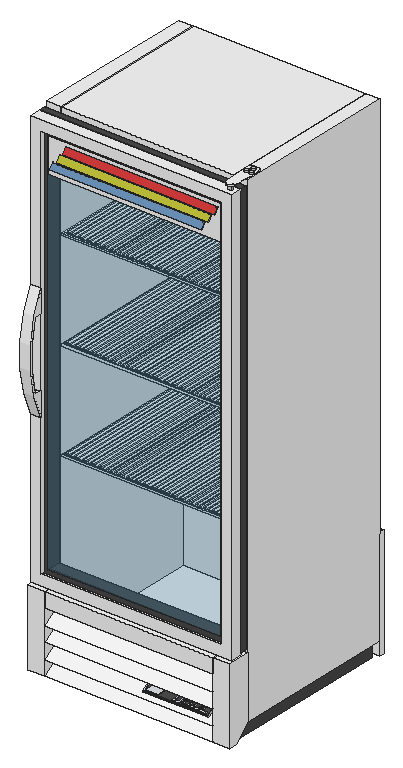
Revit family "QF_TRUE_GDM-12F-HC~TSL01", category Specialty Equipment, Revit 2016 (continued)
Definition of nested family "GDM-10-58-HC-TSL01"
  Definition of nested family "QF_LOGO_TRUE"
    Forms (in)
      Extrusion 5, solid, not visible
        sketch origin (121.45701, -16.5, 4.98235) x (1, 0, 0) y (0, 0, 1)
          loop
            arc (25.73665, 35.18748) -> (25.67632, 35.09876) -> (25.66924, 34.99171) r 0.20432
            arc (25.66924, 34.99171) -> (25.71443, 34.9227) -> (25.79473, 34.90384) r 0.11116
            arc (25.79473, 34.90384) -> (25.91172, 34.89904) -> (26.02716, 34.91862) r 0.56145
            arc (26.02716, 34.91862) -> (26.27675, 35.021) -> (26.49584, 35.17841) r 1.15683
            line (26.49584, 35.17841) -> (26.35412, 35.17841)
        from 31.54261 to 31.56272
    Dimensions and locks (in)
      aligned and locked: level to plane 2
      aligned and locked: Extrusion 2 to Extrusion 3  (x2)
      aligned and locked: Extrusion 2 sketch curve to Extrusion 3
Definition of nested family "2.5 INCHES_CASTER"
  Parameters (values of type "2.5 INCHES_CASTER")
    Weight = ""
    URL Manufacturer = ""
    URL Cutsheet = ""
    URL = ""
    Type Mark [instance] = ""
    Specification by User [instance] = ""
    Specification by Manufacturer = ""
    Serial Number = ""
    Seismic Rating = ""
    SMACNA No = ""
    Revision Code [instance] = ""
    Omniclass Number and Title = ""
    NAFEM Spec ID Number = ""
    Model = ""
    MasterSpec. = ""
    Manufacturer = ""
    Item Number [instance] = ""
    Installed By [instance] = ""
    Identify Quantity as Lot [instance] = yes
    Furnished By [instance] = ""
    Foodservice Equipment Identifier [instance] = yes
    Description = ""
    CSI MasterFormat = ""
    CSI Master Format = ""
    Assembly Code = ""
    2.5 Inches Caster [instance] = yes
  Reference planes (in)
    plane 1: z = 0
    plane 2 "RIGHT": x = 0
    plane 3 "FRONT": y = 0
    plane 4 "TOP": z = 2.5
  Forms (in)
    Revolve 1, solid, visible <- "2.5 Inches Caster"
      sketch origin (-1.93794, 0.83816, -1.0041) x (1, 0, 0) y (0, 0, 1)
        loop
          line (0.74055, 1.92597) -> (0.74055, 1.85047) -> (0.79055, 1.80047) -> (0.85055, 1.80047) -> (0.85055, 1.6804) -> (1.235, 1.6804) -> (1.235, 1.61305) -> (1.38673, 1.52545) -> (1.4003, 1.4416) -> (1.34375, 1.4416) -> (1.34375, 1.3166) -> (1.375, 1.3166) -> (1.375, 1.0041) -> (2.48438, 1.0041) -> (2.48438, 1.3166) -> (2.51563, 1.3166) -> (2.51563, 1.4416) -> (2.45908, 1.4416) -> (2.47322, 1.52897) -> (2.62438, 1.61624) -> (2.62438, 1.6804) -> (3.04007, 1.6804) -> (3.04007, 1.80047) -> (3.10007, 1.80047) -> (3.15007, 1.85047) -> (3.15007, 1.92597) -> (0.74055, 1.92597)
        axis (0.74055, 1.92597) -> (3.15007, 1.92597)
      angle from 0 to 360
    Extrusion 2, solid, visible <- "2.5 Inches Caster"
      sketch origin (-1.93794, 1.80294, -3.2541) x (0, 1, 0) y (0, 0, 1)
        loop
          line (-0.64294, 5.43229) -> (-0.64294, 5.55298) -> (-2.21294, 5.55298) -> (-2.21294, 5.30272) -> (-1.81966, 5.30272)
          arc (-1.81966, 5.30272) -> (-1.13638, 5.20789) -> (-0.46376, 5.05475) r 8.02767
          arc (-0.46376, 5.05475) -> (-0.19511, 4.95469) -> (0.05138, 4.80832) r 1.60049
          line (0.05138, 4.80832) -> (0.12713, 4.91318)
          arc (0.12713, 4.91318) -> (-0.07255, 5.06376) -> (-0.29048, 5.18644) r 1.8753
          line (-0.29048, 5.18644) -> (-0.22239, 5.30423)
          arc (-0.22239, 5.30423) -> (-0.42776, 5.38437) -> (-0.64294, 5.43229) r 1.44292
      from 1.17357 to 2.70231
    Revolve 3, solid, visible <- "2.5 Inches Caster"
      sketch origin (0, 2.10856, -3.75) x (0, 1, 0) y (0, 0, 1)
        loop
          line (-1.73858, 6.25) -> (-1.73858, 6.04889) -> (-1.05793, 6.04889) -> (-1.05793, 6.25) -> (-1.73858, 6.25)
        axis (-1.73858, 6.04889) -> (-1.73858, 6.25)
      angle from 0 to 360
    Extrusion 4, solid, visible <- "2.5 Inches Caster"
      sketch origin (-1.98481, 1.80294, -1.7541) x (0, 1, 0) y (0, 0, 1)
        loop
          line (-2.21294, 4.05298) -> (-2.21294, 3.80272) -> (-2.13999, 3.80272)
          arc (-2.13999, 3.80272) -> (-1.62379, 3.51899) -> (-1.39241, 2.97729) r 0.90292
          arc (-1.39241, 2.97729) -> (-1.36136, 2.78161) -> (-1.29729, 2.59413) r 1.15385
          arc (-1.29729, 2.59413) -> (-0.94802, 2.37355) -> (-0.6121, 2.61396) r 0.37001
          arc (-0.6121, 2.61396) -> (-0.59625, 2.66241) -> (-0.58446, 2.712) r 0.61695
          arc (-0.58446, 2.712) -> (-0.36134, 3.11665) -> (0.05609, 3.31484) r 0.75313
          line (0.05609, 3.31484) -> (0.12713, 3.41318)
          arc (0.12713, 3.41318) -> (-0.07255, 3.56376) -> (-0.29048, 3.68644) r 1.8753
          line (-0.29048, 3.68644) -> (-0.22239, 3.80423)
          arc (-0.22239, 3.80423) -> (-0.42776, 3.88437) -> (-0.64294, 3.93229) r 1.44292
          line (-0.64294, 3.93229) -> (-0.64294, 4.05298) -> (-2.21294, 4.05298)
      from 2.74918 to 2.90825
    Extrusion 5, solid, visible <- "2.5 Inches Caster"
      sketch origin (1.98481, 1.80294, -1.7541) x (0, 1, 0) y (0, 0, -1)
        loop
          line (-2.21294, -4.05298) -> (-0.64294, -4.05298) -> (-0.64294, -3.93229)
          arc (-0.64294, -3.93229) -> (-0.42776, -3.88437) -> (-0.22239, -3.80423) r 1.44292
          line (-0.22239, -3.80423) -> (-0.29048, -3.68644)
          arc (-0.29048, -3.68644) -> (-0.07255, -3.56376) -> (0.12713, -3.41318) r 1.8753
          line (0.12713, -3.41318) -> (0.05609, -3.31484)
          arc (0.05609, -3.31484) -> (-0.36134, -3.11665) -> (-0.58446, -2.712) r 0.75313
          arc (-0.58446, -2.712) -> (-0.59625, -2.66241) -> (-0.6121, -2.61396) r 0.61695
          arc (-0.6121, -2.61396) -> (-0.94802, -2.37355) -> (-1.29729, -2.59413) r 0.37001
          arc (-1.29729, -2.59413) -> (-1.36136, -2.78161) -> (-1.39241, -2.97729) r 1.15385
          arc (-1.39241, -2.97729) -> (-1.62379, -3.51899) -> (-2.13999, -3.80272) r 0.90292
          line (-2.13999, -3.80272) -> (-2.21294, -3.80272) -> (-2.21294, -4.05298)
      from 2.74918 to 2.90825
  Lines and regions (in)
    symbolic lines, visible <- "2.5 Inches Caster"
      curve 1: line (0.10651, 1.96132, 0) -> (0.80944, 1.55548, 0)
      curve 2: line (-0.89349, 0.22927, 0) -> (0.10651, 1.96132, 0)
      curve 3: line (-0.19056, -0.17657, 0) -> (-0.89349, 0.22927, 0)
      curve 4: line (0.80944, 1.55548, 0) -> (-0.19056, -0.17657, 0)
  Dimensions and locks (in)
    plane 4 "TOP" to level = 2 1/2"  (x2)
    aligned and locked: level to plane 1
